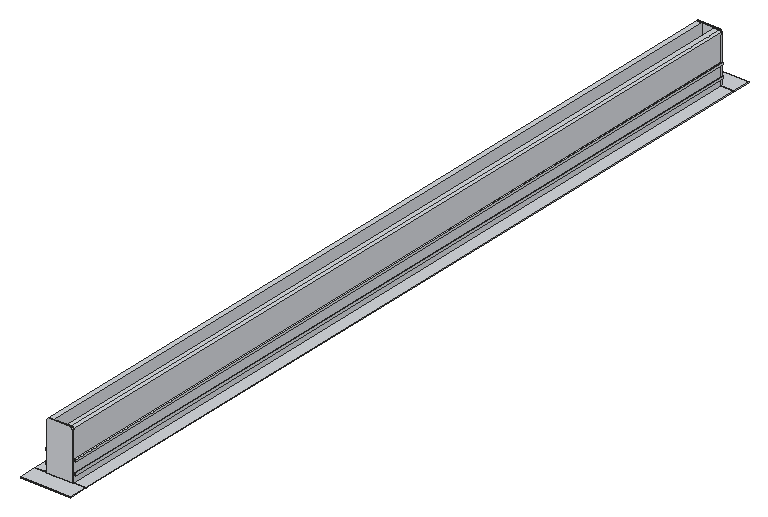
Revit family
Parameters
  URL = "http://www.anemostat.com/"
  Model = "SLAD-FS-75"
  Manufacturer = "Anemostat"
  Length  User Defined = 48"
  Duct Width = 1 13/16"
  Duct Length = Length  User Defined + 1/4"  # 48 1/4"
  C = 3"
Reference planes (in)
  plane 1 "Center (Front/Back)": y = 0
  plane 2: z = 0
  plane 3 "Center (Left/Right)": x = 0
  plane 4: x = -1.5
  plane 5: x = 1.5
  plane 6: y = -24
  plane 7 "Length": y = -48
  plane 8 "Face": z = -0.05
  plane 9: x = 0.375
  plane 10: x = -0.375
  plane 11 "Height": z = 2.95
Forms (in)
  Extrusion 1, solid
    sketch origin (0, 0, 0) x (1, 0, 0) y (0, 0, 1)
      loop
        line (0.66328, 2.95) -> (-0.66328, 2.95) -> (-0.775, 2.83828) -> (-0.775, 1.27628) -> (-0.895, 1.27628) -> (-0.895, 1.16428) -> (-0.845, 1.16428) -> (-0.845, 1.22628) -> (-0.775, 1.22628) -> (-0.775, 0.47128) -> (-0.845, 0.47128) -> (-0.845, 0.53328) -> (-0.895, 0.53328) -> (-0.895, 0.42128) -> (-0.775, 0.42128) -> (-0.775, 0) -> (-1.5, 0) -> (-1.5, -0.05) -> (-0.25028, -0.05) -> (0.25028, -0.05) -> (1.5, -0.05) -> (1.5, 0) -> (0.775, 0) -> (0.775, 0.42128) -> (0.895, 0.42128) -> (0.895, 0.53328) -> (0.845, 0.53328) -> (0.845, 0.47128) -> (0.775, 0.47128) -> (0.775, 1.22628) -> (0.845, 1.22628) -> (0.845, 1.16428) -> (0.895, 1.16428) -> (0.895, 1.27628) -> (0.775, 1.27628) -> (0.775, 2.83828) -> (0.66328, 2.95)
    from 0 to 48 <- "Length  User Defined"
  Extrusion 2, solid
    sketch origin (0, 0, 0) x (1, 0, 0) y (0, 0, 1)
      loop
        line (-0.775, 0) -> (0.775, 0) -> (0.775, 2.83828) -> (0.66328, 2.95) -> (-0.66328, 2.95) -> (-0.775, 2.83828) -> (-0.775, 0)
    from 0 to -0.0625
  Extrusion 3, solid
    sketch origin (0, -48, 0) x (0, 0, 1) y (-1, 0, 0)
      loop
        line (0, -0.775) -> (2.83828, -0.775) -> (2.95, -0.66328) -> (2.95, 0.66328) -> (2.83828, 0.775) -> (0, 0.775) -> (0, -0.775)
    from 0 to 0.0625
  Extrusion 4, solid
    sketch origin (0, 0, 0) x (1, 0, 0) y (0, 0, 1)
      loop
        line (-1.5, 0) -> (-1.5, -0.05) -> (1.5, -0.05) -> (1.5, 0) -> (-1.5, 0)
    from 0 to -1.10156
  Extrusion 5, solid
    sketch origin (0, -48, 0) x (0, 0, 1) y (-1, 0, 0)
      loop
        line (0, -1.5) -> (0, 1.5) -> (-0.05, 1.5) -> (-0.05, -1.5) -> (0, -1.5)
    from 0 to 1.10156
  Extrusion 6, void
    sketch origin (0, 0, -0.05) x (-1, 0, 0) y (0, -1, 0)
      loop
        line (-0.375, 0) -> (0.375, 0) -> (0.375, 48) -> (-0.375, 48) -> (-0.375, 0)
    from 0 to 3
Cuts and joins
  Extrusion 6 cuts Extrusion 1
  Extrusion 6 cuts Extrusion 2
  Extrusion 6 cuts Extrusion 3
Dimensions and locks (in)
  equal spacing: plane 5, plane 3 "Center (Left/Right)", plane 4
  "C": plane 5 to plane 4
  equal spacing: plane 1 "Center (Front/Back)", plane 6, plane 7 "Length"
  "Length  User Defined": plane 1 "Center (Front/Back)" to plane 7 "Length"
Automatic sketch dimensions
  Extrusion 4 sketch curve to plane 4 = 0"
  Extrusion 4 sketch curve to plane 5 = 0"
  Extrusion 4 sketch curve to plane 8 "Face" = 0"
  Extrusion 4 sketch curve to level = 0"
  Extrusion 5 sketch curve to plane 5 = 0"
  Extrusion 5 sketch curve to plane 8 "Face" = 0"
  Extrusion 5 sketch curve to level = 0"
  Extrusion 5 sketch curve to plane 4 = 0"
  plane 7 "Length" to Extrusion 6 sketch curve = 0"
  Extrusion 6 sketch curve to plane 9 = 0"
  plane 1 "Center (Front/Back)" to Extrusion 6 sketch curve = 0"
  Extrusion 6 sketch curve to plane 10 = 0"
  Extrusion 1 sketch curve to level = 0"  (x2)
  Extrusion 1 sketch curve to plane 4 = 0"
  Extrusion 1 sketch curve to plane 11 "Height" = 0"
  Extrusion 1 sketch curve to plane 8 "Face" = 0"
  Extrusion 1 sketch curve to plane 5 = 0"
  Extrusion 1 sketch curve to plane 10 = 0.52"  (x2)
  Extrusion 1 sketch curve to Extrusion 1 sketch curve = 0.05"  (x8)
  Extrusion 1 sketch curve to Extrusion 1 sketch curve = 0.07"  (x3)
  Extrusion 1 sketch curve to plane 10 = 0.4"  (x2)
  Extrusion 1 sketch curve to plane 11 "Height" = 0.11172"  (x2)
  Extrusion 1 sketch curve to Extrusion 1 sketch curve = 0.11172"  (x2)
  plane 10 to Extrusion 1 sketch curve = 0.12472"
  Extrusion 1 sketch curve to plane 9 = 0.12472"
  plane 9 to Extrusion 1 sketch curve = 0.28828"
  plane 9 to Extrusion 1 sketch curve = 0.4"
  Extrusion 1 sketch curve to Extrusion 1 sketch curve = 0"
  level to Extrusion 1 sketch curve = 0.42128"  (x2)
  Extrusion 1 sketch curve to Extrusion 1 sketch curve = 0.062"  (x4)
  Extrusion 1 sketch curve to Extrusion 1 sketch curve = 0.631"  (x2)
  Extrusion 3 sketch curve to level = 0"
  Extrusion 3 sketch curve to plane 11 "Height" = 0"
  Extrusion 3 sketch curve to plane 11 "Height" = 0.11172"  (x2)
  plane 9 to Extrusion 3 sketch curve = 0.4"
  Extrusion 3 sketch curve to Extrusion 3 sketch curve = 0.11172"
  Extrusion 3 sketch curve to plane 10 = 0.28828"
  Extrusion 3 sketch curve to plane 10 = 0.4"
  Extrusion 2 sketch curve to level = 0"
  Extrusion 2 sketch curve to plane 11 "Height" = 0"
  Extrusion 2 sketch curve to plane 10 = 0.4"
  Extrusion 2 sketch curve to Extrusion 2 sketch curve = 0.11172"
  plane 9 to Extrusion 2 sketch curve = 0.28828"
  plane 9 to Extrusion 2 sketch curve = 0.4"
  Extrusion 2 sketch curve to plane 11 "Height" = 0.11172"  (x2)
Connectors (in)
  hvac at (0, -24, 2.95), driven by "Duct Length", driven by "Duct Width"
    settings: on Extrusion 1, index 1
